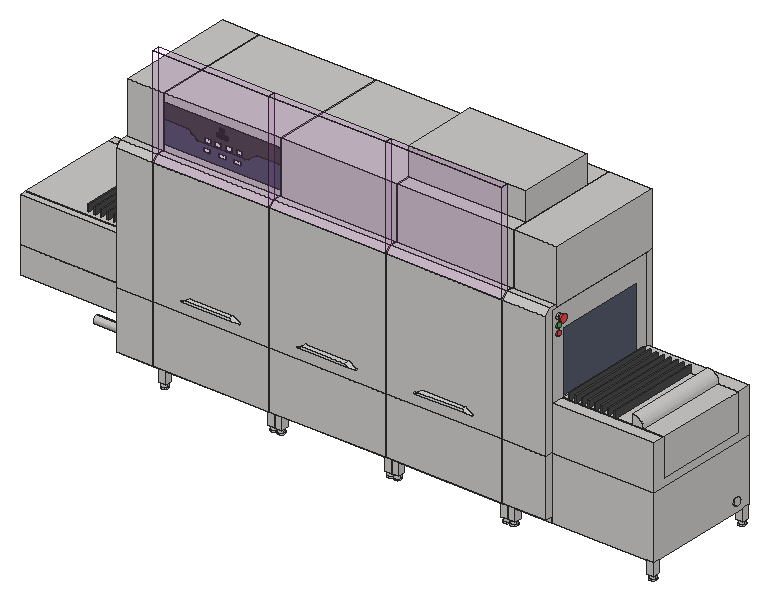
Revit family "QF_ELECTROLUXPROFESSIONAL_520705_EFTD052EL2U1D1M5L385", category Attrezzature speciali, Revit 2020
Family settings
  Quota connettore circolare = Usa diametro
  Tipo di parte = Normale
  Basato su piano di lavoro = No
  Sempre verticale = Sì
  Taglio con vuoti quando caricato = No
  Condiviso = No
  Punto di calcolo locali = No
Parameters (values of type "Standard")
  Weight = 899.00 kg
  Watts = 46500 W
  Volts = 380 V
  URL Manufacturer = "https://www.electroluxprofessional.com/"
  URL = "https://www.electroluxprofessional.com/"
  Steam Supply Size = 0 mm
  Steam Supply Minimum Pressure = 0.0 Pa
  Steam Supply Maximum Pressure = 0.0 Pa
  Steam Consumption per Hour = 0
  Show Logo [instance] = yes
  Show Clearance [instance] = yes
  Refrigeration Suction Line Size = 0 mm
  Refrigeration Liquid Line Size = 0 mm
  Refrigerant Compressor Remote = yes
  Prospetto di default = 0 mm
  Produttore = "Electrolux Professional"
  Phase = 3
  Modello = "EFTD052EL2U1D1M5L385"
  Length Actual = 4350 mm  # constant formula
  Item Number = "520705"
  Hot Water Size = 0 mm
  Height Actual = 1983 mm  # constant formula
  HP = "62.4 HP"
  Gas Size = 0 mm
  Gas KW = 0
  Gas Input Pressure = 0 W
  Direct Waste Size = 50.8 mm
  Descrizione = "FT, 1Tank, 5200D/H, El., 950mm loading, 1000mm unloading, 1Dryer, 55mm conveyor,L>R,380V50Hz3P"
  Depth Actual = 946 mm  # constant formula
  Cycle = 50 Hz
  Condensate Return Size = 0 mm
  Compressed Air Volume = 0.0 L/s
  Compressed Air Size = 0 mm
  Compressed Air Pressure = 0.0 Pa
  Cold Water Size = 0 mm
  Accessory = yes
Reference planes
  plane 1 "Centro (Fronte/Retro)": y = 0
  plane 2: z = 0
  plane 3 "Centro (Sinistra/Destra)": x = 0
  plane 4: z = 115
Forms (mm)
  Extrusion 1, solid, material "QF_Finishes_Stainless Steel"
    sketch origin (632.404, 2, 1806.023) x (1, 0, 0) y (0, 0, 1)
      loop
        line (407.596, -163.023) -> (407.596, -183.023) -> (427.596, -183.023) -> (427.596, -163.023) -> (407.596, -163.023)
    from 0 to 2
  Extrusion 2, solid, material "QF_Finishes_Stainless Steel"
    sketch origin (4355.617, -934.464, 1290.159) x (0, 0, -1) y (0, -1, 0)
      loop
        circle (1102.159, -772.464) r 25
    from -9.383 to 5.617
  Extrusion 3, solid, material "QF_Finishes_Stainless Steel"
    sketch origin (1292.404, 2, 337.984) x (1, 0, 0) y (0, 0, 1)
      loop
        line (407.596, -163.023) -> (407.596, -183.023) -> (427.596, -183.023) -> (427.596, -163.023) -> (407.596, -163.023)
    from 0 to 2
  Extrusion 4, solid, material "QF_Finishes_Stainless Steel"
    sketch origin (1726.841, 200.464, 109.383) x (1, 0, 0) y (0, 1, 0)
      loop
        circle (1102.159, -772.464) r 10
    from -9.383 to 5.617
  Extrusion 5, solid, material "QF_Finishes_Stainless Steel"
    sketch origin (444.383, 22.464, 1290.159) x (0, 0, -1) y (0, 1, 0)
      loop
        circle (1102.159, -772.464) r 25
    from -9.383 to 255.617
  Extrusion 6, solid, material "QF_Finishes_Stainless Steel"
    sketch origin (1797.841, 200.464, 109.383) x (1, 0, 0) y (0, 1, 0)
      loop
        circle (1102.159, -772.464) r 10
    from -9.383 to 5.617
Dimensions and locks
  plane 4 to level = 115 mm
  aligned and locked: level to plane 2
Nested families
  nested 1: "MODULO_CENTER_800_FAN" at (2933.563, -388.258, 0), Show Clearance <- "Show Clearance", type "MODULO_CENTER_800_FAN"
    with Show Logo yes, Show Clearance yes, R_L no, L_R yes
  nested 2: "MODULO_CENTER_800" at (1333.563, -388.258, 0), Show Clearance <- "Show Clearance", type "MODULO_CENTER_800"
    with Show Logo yes, Show Clearance yes, R_L no, L_R yes
  nested 3: "MODULO_ENTRY_DISH_950" at (558.563, -388.258, 0), type "MODULO_ENTRY_DISH_950"
    with Show Logo yes, Show Clearance yes, R_L no, L_R yes
  nested 4: "MODULO_USCITA_DISH_1000" at (3708.563, -388.258, 0), type "MODULO_USCITA_DISH_1000"
    with Show Logo yes, Show Clearance yes, R_L yes, L_R no
  nested 5: "Piedino_Square_115H" at (4326.5, -73.5, 0) x (-1, 0, 0) z (0, 0, 1), type "Piedino_Square_115H"
  nested 6: "Piedino_Square_115H" at (4326.5, -838.5, 0) x (-1, 0, 0) z (0, 0, 1), type "Piedino_Square_115H"
  nested 7: "Piedino_Square_115H" at (3373.5, -73.5, 0) x (-1, 0, 0) z (0, 0, 1), type "Piedino_Square_115H"
  nested 8: "Piedino_Square_115H" at (3373.5, -838.5, 0) x (-1, 0, 0) z (0, 0, 1), type "Piedino_Square_115H"
  nested 9: "Piedino_Square_115H" at (1773.5, -838.5, 0), type "Piedino_Square_115H"
  nested 10: "Piedino_Square_115H" at (1773.5, -73.5, 0), type "Piedino_Square_115H"
  nested 11: "Piedino_Square_115H" at (2526.5, -838.5, 0), type "Piedino_Square_115H"
  nested 12: "Piedino_Square_115H" at (2526.5, -73.5, 0), type "Piedino_Square_115H"
  nested 13: "Piedino_Square_115H" at (2573.5, -838.5, 0) x (-1, 0, 0) z (0, 0, 1), type "Piedino_Square_115H"
  nested 14: "Piedino_Square_115H" at (2573.5, -73.5, 0) x (-1, 0, 0) z (0, 0, 1), type "Piedino_Square_115H"
  nested 15: "Piedino_Square_115H" at (3326.5, -838.5, 0) x (-1, 0, 0) z (0, 0, 1), type "Piedino_Square_115H"
  nested 16: "Piedino_Square_115H" at (3326.5, -73.5, 0) x (-1, 0, 0) z (0, 0, 1), type "Piedino_Square_115H"
  nested 17: "Piedino_Square_115H" at (973.5, -838.5, 0), type "Piedino_Square_115H"
  nested 18: "Piedino_Square_115H" at (973.5, -73.5, 0), type "Piedino_Square_115H"
  nested 19: "Piedino_Square_115H" at (1726.5, -838.5, 0), type "Piedino_Square_115H"
  nested 20: "Piedino_Square_115H" at (1726.5, -73.5, 0), type "Piedino_Square_115H"
  nested 21: "MANIGLIA_FLIGHT_400" at (1350, -912, 639.28) x (1, 0, 0) z (0, -1, 0), type "MANIGLIA_FLIGHT_400"
  nested 22: "MANIGLIA_FLIGHT_400" at (2950, -912, 639.28) x (1, 0, 0) z (0, -1, 0), type "MANIGLIA_FLIGHT_400"
  nested 23: "MANIGLIA_FLIGHT_400" at (2150, -912, 639.28) x (1, 0, 0) z (0, -1, 0), type "MANIGLIA_FLIGHT_400"
  nested 24: "MODULO_CENTER_800" at (2166.437, -388.258, 0) x (-1, 0, 0) z (0, 0, 1), Show Clearance <- "Show Clearance", type "MODULO_CENTER_800"
    with Show Logo yes, Show Clearance yes, R_L no, L_R yes
  nested 25: "Schermo_Flight_800" at (1350, -815, 1583) x (1, 0, 0) z (0, -1, 0), type "Schermo_Flight_800"
  nested 26: "ELX_LOGO_WORDS_WHITE" at (1350, -816.6, 1663) x (1, 0, 0) z (0, -1, 0), Show Logo <- "Show Logo", visible <- "Show Logo", type "ELX_LOGO_WORDS_WHITE"
    with Show Logo yes
  nested 27: "ELX_LOGO_MONO_SMALL_WHITE" at (1340.08, -816.6, 1649) x (-1, 0, 0) z (0, -1, 0), Show Logo <- "Show Logo", visible <- "Show Logo", type "ELX_LOGO_MONO_SMALL_WHITE"
    with Show Logo yes
Connectors
  electrical at (1050, 2, 1633)
    settings: on Extrusion 1, index 69, voltage 0 V, apparent load 0 VA, apparent load phase1 0 VA, apparent load phase2 0 VA, apparent load phase3 0 VA, power factor 1, load classification "Altro", number of poles 1, system type 30, power factor state 1, is connector primary yes, connector utility no, sub classification motor no, connector description "EI"
  piping at (4365, -162, 188), diameter 50
    settings: on Extrusion 2, index 70, connector inside diameter 609.6 mm, connector length 0 mm, flow factor 0, pipe flow 0.0 L/s, pressure drop 0.0 Pa, fitting loss kfactor 0, connector angle 0.00°, fixture units 0, engagement length 0 mm, angle of deflection 0.00°, flow configuration 0, flow direction 0, fitting loss method 0, system type 29, joint type 0, gender type 0, connector reference index -1, connector utility 0, adjustable connector no, is connector primary yes, connector description "D"
  electrical at (1710, 2, 164.961)
    settings: on Extrusion 3, index 71, voltage 0 V, apparent load 0 VA, apparent load phase1 0 VA, apparent load phase2 0 VA, apparent load phase3 0 VA, power factor 1, load classification "Altro", number of poles 1, system type 30, power factor state 1, is connector primary no, connector utility no, sub classification motor no, connector description "EQ"
  piping at (2829, -572, 100), diameter 19.1
    settings: on Extrusion 4, index 72, connector inside diameter 609.6 mm, connector length 0 mm, flow factor 0, pipe flow 0.0 L/s, pressure drop 0.0 Pa, fitting loss kfactor 0, connector angle 0.00°, fixture units 0, engagement length 0 mm, angle of deflection 0.00°, flow configuration 0, flow direction 0, fitting loss method 0, system type 29, joint type 0, gender type 0, connector reference index -1, connector utility 0, adjustable connector no, is connector primary no, connector description "HWI/CWI"
  piping at (435, -750, 188), diameter 50
    settings: on Extrusion 5, index 73, connector inside diameter 609.6 mm, connector length 0 mm, flow factor 0, pipe flow 0.0 L/s, pressure drop 0.0 Pa, fitting loss kfactor 0, connector angle 0.00°, fixture units 0, engagement length 0 mm, angle of deflection 0.00°, flow configuration 0, flow direction 0, fitting loss method 0, system type 29, joint type 0, gender type 0, connector reference index -1, connector utility 0, adjustable connector no, is connector primary no, connector description "D"
  piping at (2900, -572, 100), diameter 19.1
    settings: on Extrusion 6, index 74, connector inside diameter 609.6 mm, connector length 0 mm, flow factor 0, pipe flow 0.0 L/s, pressure drop 0.0 Pa, fitting loss kfactor 0, connector angle 0.00°, fixture units 0, engagement length 0 mm, angle of deflection 0.00°, flow configuration 0, flow direction 0, fitting loss method 0, system type 29, joint type 0, gender type 0, connector reference index -1, connector utility 0, adjustable connector no, is connector primary no, connector description "HWI/CWI"
Definition of nested family "MODULO_CENTER_800_FAN"
  Parameters (values of type "MODULO_CENTER_800_FAN")
    URL = "http://professional.electrolux.com"
    Show Logo [instance] = yes
    R_L [instance] = not(L_R)  # no
    Default Elevation = 0 mm
    Manufacturer = "Electrolux"
    Model = "ESR10E5"
    Length Actual = 800 mm
    Show Clearance [instance] = yes
    L_R [instance] = yes
    Height Actual = 1792 mm
    Description = "SINGLE RINSE RT, 100R/H, ELECTRIC 50HZ"
    Depth Actual = 912 mm
  Reference planes
    plane 1 "Center X": y = -67.742
    plane 2: z = 0
    plane 3 "LEFT": x = -383.563
    plane 4 "RIGHT": x = 416.437
    plane 5 "BACK": y = 388.258
    plane 6 "FEET": z = 115
    plane 7: z = 2092
    plane 8 "TOP": z = 1792
    plane 9 "FRONT": y = -523.742
    plane 10 "Left/Right": x = 16.437
    plane 11 "TopVent": z = 1983
  Forms (mm)
    Extrusion 1, solid
      sketch origin (416.437, 479.936, 4000) x (0, 1, 0) y (0, 0, 1)
        loop
          line (-91.678, -2208) -> (-906.678, -2208) -> (-906.678, -2580) -> (-91.678, -2580) -> (-91.678, -2208)
      from -800 to 0
    Extrusion 2, solid
      sketch origin (-383.563, 437.565, 3910) x (0, 1, 0) y (0, 0, 1)
        loop
          line (-99.307, -2490) -> (-911.307, -2490) -> (-911.307, -3552) -> (-99.307, -3552) -> (-99.307, -2490)
      from 800 to 0
    Extrusion 3, solid
      sketch origin (416.437, 479.936, 4299) x (0, 1, 0) y (0, 0, 1)
        loop
          line (-278.21, -2316) -> (-803.678, -2316) -> (-803.678, -2507) -> (-278.21, -2507) -> (-278.21, -2316)
      from -800 to 0
    Extrusion 4, solid
      sketch origin (16.437, 0, 1.5) x (0, 0, 1) y (0, -1, 0)
        loop
          line (356.5, -338.258) -> (356.5, 473.742) -> (113.5, 473.742) -> (113.5, -338.258) -> (356.5, -338.258)
      from 400 to -400
    Extrusion 5, solid
      sketch origin (16.437, 0, 0) x (0, 0, 1) y (0, -1, 0)
        loop
          line (1420, -338.258) -> (545, -338.258) -> (545, -388.258) -> (1420, -388.258) -> (1420, -338.258)
      from -400 to 400
    Extrusion 6, solid
      sketch origin (16.437, 0, 0) x (0, 0, 1) y (0, -1, 0)
        loop
          line (545, -388.258) -> (545, -338.258) -> (154, -338.258) -> (154, -388.258) -> (545, -388.258)
      from -400 to 400
    Extrusion 7, solid
      sketch origin (16.437, -882.484, -150) x (0, -1, 0) y (0, 0, 1)
        loop
          line (-358.742, 304) -> (-358.742, 695) -> (-408.742, 695) -> (-408.742, 304) -> (-358.742, 304)
      from -400 to 400
    Extrusion 8, solid
      sketch origin (16.437, -882.484, -151) x (0, -1, 0) y (0, 0, 1)
        loop
          line (-408.742, 1571) -> (-408.742, 696) -> (-358.742, 696) -> (-358.742, 1556) -> (-395.742, 1593) -> (-443.742, 1593) -> (-443.742, 1571) -> (-408.742, 1571)
      from -400 to 400
    Extrusion 9, solid, visible <- "Show Clearance"
      sketch origin (16.437, -882.484, 452) x (0, -1, 0) y (0, 0, 1)
        loop
          line (-408.742, 1640) -> (-408.742, 953.624) -> (-358.742, 953.624) -> (-358.742, 1640) -> (-408.742, 1640)
      from -400 to 400
  Dimensions and locks
    plane 3 "LEFT" to plane 4 "RIGHT" = 800 mm
    plane 5 "BACK" to plane 1 "Center X" to plane 9 "FRONT" = 456 mm, 456 mm
    plane 6 "FEET" to level = 115 mm  (x2)
    plane 6 "FEET" to plane 8 "TOP" = 1677 mm
    plane 5 "BACK" to plane 9 "FRONT" = 912 mm  (x2)
    plane 4 "RIGHT" to plane 3 "LEFT" = 800 mm
    plane 9 "FRONT" to plane 5 "BACK" = 912 mm
    level to plane 8 "TOP" = 1792 mm  (x2)
    plane 7 to level = 2092 mm
    plane 11 "TopVent" to plane 2 = 1983 mm
    plane 7 to plane 2 = 2092 mm
    Extrusion 2 to level = 1420 mm
    Extrusion 8 to level = 1442 mm
    plane 11 "TopVent" to level = 1983 mm
    aligned and locked: level to plane 2
Definition of nested family "MODULO_CENTER_800"
  Parameters (values of type "MODULO_CENTER_800")
    URL = "http://professional.electrolux.com"
    Show Logo [instance] = yes
    R_L [instance] = not(L_R)  # no
    Default Elevation = 0 mm
    Manufacturer = "Electrolux"
    Model = "ESR10E5"
    Length Actual = 800 mm
    Show Clearance [instance] = yes
    L_R [instance] = yes
    Height Actual = 1792 mm
    Description = "SINGLE RINSE RT, 100R/H, ELECTRIC 50HZ"
    Depth Actual = 912 mm
  Reference planes
    plane 1 "Center X": y = -67.742
    plane 2: z = 0
    plane 3 "LEFT": x = -383.563
    plane 4 "RIGHT": x = 416.437
    plane 5 "BACK": y = 388.258
    plane 6 "FEET": z = 115
    plane 7: z = 2092
    plane 8 "TOP": z = 1792
    plane 9 "FRONT": y = -523.742
    plane 10 "Left/Right": x = 16.437
  Forms (mm)
    Extrusion 1, solid
      sketch origin (416.437, 479.936, 4000) x (0, 1, 0) y (0, 0, 1)
        loop
          line (-91.678, -2208) -> (-906.678, -2208) -> (-906.678, -2580) -> (-91.678, -2580) -> (-91.678, -2208)
      from -800 to 0
    Extrusion 2, solid
      sketch origin (-383.563, 437.565, 3915) x (0, 1, 0) y (0, 0, 1)
        loop
          line (-99.307, -2495) -> (-911.307, -2495) -> (-911.307, -3557) -> (-99.307, -3557) -> (-99.307, -2495)
      from 800 to 0
    Extrusion 3, solid
      sketch origin (16.437, 0, 1.5) x (0, 0, 1) y (0, -1, 0)
        loop
          line (356.5, -338.258) -> (356.5, 473.742) -> (113.5, 473.742) -> (113.5, -338.258) -> (356.5, -338.258)
      from 400 to -400
    Extrusion 4, solid
      sketch origin (16.437, 0, 0) x (0, 0, 1) y (0, -1, 0)
        loop
          line (1420, -338.258) -> (545, -338.258) -> (545, -388.258) -> (1420, -388.258) -> (1420, -338.258)
      from -400 to 400
    Extrusion 5, solid
      sketch origin (16.437, 0, 0) x (0, 0, 1) y (0, -1, 0)
        loop
          line (545, -388.258) -> (545, -338.258) -> (154, -338.258) -> (154, -388.258) -> (545, -388.258)
      from -400 to 400
    Extrusion 6, solid
      sketch origin (16.437, -882.484, -150) x (0, -1, 0) y (0, 0, 1)
        loop
          line (-358.742, 304) -> (-358.742, 695) -> (-408.742, 695) -> (-408.742, 304) -> (-358.742, 304)
      from -400 to 400
    Extrusion 7, solid
      sketch origin (16.437, -882.484, -151) x (0, -1, 0) y (0, 0, 1)
        loop
          line (-408.742, 1571) -> (-408.742, 696) -> (-358.742, 696) -> (-358.742, 1556) -> (-395.742, 1593) -> (-443.742, 1593) -> (-443.742, 1571) -> (-408.742, 1571)
      from -400 to 400
    Extrusion 8, solid, visible <- "Show Clearance"
      sketch origin (16.437, -882.484, 452) x (0, -1, 0) y (0, 0, 1)
        loop
          line (-408.742, 1640) -> (-408.742, 953.624) -> (-358.742, 953.624) -> (-358.742, 1640) -> (-408.742, 1640)
      from -400 to 400
  Dimensions and locks
    plane 3 "LEFT" to plane 4 "RIGHT" = 800 mm
    plane 5 "BACK" to plane 1 "Center X" to plane 9 "FRONT" = 456 mm, 456 mm
    plane 6 "FEET" to level = 115 mm  (x2)
    plane 6 "FEET" to plane 8 "TOP" = 1677 mm
    plane 5 "BACK" to plane 9 "FRONT" = 912 mm  (x2)
    plane 4 "RIGHT" to plane 3 "LEFT" = 800 mm
    plane 9 "FRONT" to plane 5 "BACK" = 912 mm
    level to plane 8 "TOP" = 1792 mm  (x2)
    plane 7 to level = 2092 mm
    plane 7 to plane 2 = 2092 mm
    Extrusion 2 to level = 1420 mm
    Extrusion 7 to level = 1442 mm
    aligned and locked: level to plane 2
Definition of nested family "MODULO_ENTRY_DISH_950"
  Parameters (values of type "MODULO_ENTRY_DISH_950")
    URL = "http://professional.electrolux.com"
    Show Logo [instance] = yes
    R_L [instance] = not(L_R)  # no
    Default Elevation = 0 mm
    Manufacturer = "Electrolux"
    Model = "ESR10E5"
    Length Actual = 800 mm
    Show Clearance [instance] = yes
    L_R [instance] = yes
    Height Actual = 1792 mm
    Description = "SINGLE RINSE RT, 100R/H, ELECTRIC 50HZ"
    Depth Actual = 912 mm
  Reference planes
    plane 1 "Center (Front/Back)": y = -67.742
    plane 2: z = 0
    plane 3 "LEFT": x = -558.563
    plane 4 "RIGHT": x = 391.437
    plane 5 "BACK": y = 388.258
    plane 6 "FRONT": y = -523.742
    plane 7 "BUTTONS": y = -427.742
    plane 8: z = 115
    plane 9 "2": y = 292.258
  Forms (mm)
    Extrusion 1, solid, visible <- "L_R"
      sketch origin (391.437, 479.936, 4000) x (0, 1, 0) y (0, 0, 1)
        loop
          line (-91.678, -2208) -> (-906.678, -2208) -> (-906.678, -2580) -> (-91.678, -2580) -> (-91.678, -2208)
      from -250 to 0
    Extrusion 2, solid
      sketch origin (-358.563, 437.565, 3910) x (0, 1, 0) y (0, 0, 1)
        loop
          line (-99.307, -2490) -> (-911.307, -2490) -> (-911.307, -3552) -> (-99.307, -3552) -> (-99.307, -2490)
      from 750 to 500
    Extrusion 3, solid
      sketch origin (-558.563, 437.565, 3910) x (0, 1, 0) y (0, 0, 1)
        loop
          line (-99.307, -3365) -> (-99.307, -3060) -> (-149.307, -3060) -> (-149.307, -3315) -> (-861.307, -3315) -> (-861.307, -3060) -> (-911.307, -3060) -> (-911.307, -3365) -> (-99.307, -3365)
      from 700 to 0
    Extrusion 4, solid
      sketch origin (16.437, 0, -4.987) x (0, 0, 1) y (0, -1, 0)
        loop
          line (362.987, -338.258) -> (362.987, 473.742) -> (119.987, 473.742) -> (119.987, -338.258) -> (362.987, -338.258)
      from 375 to 125
    Extrusion 5, solid, visible <- "L_R"
      sketch origin (16.437, 0, 0) x (0, 0, 1) y (0, -1, 0)
        loop
          line (1420, -338.258) -> (545, -338.258) -> (545, -388.258) -> (1420, -388.258) -> (1420, -338.258)
      from 125 to 375
    Extrusion 6, solid
      sketch origin (16.437, 0, 0) x (0, 0, 1) y (0, -1, 0)
        loop
          line (545, -388.258) -> (545, -338.258) -> (154, -338.258) -> (154, -388.258) -> (545, -388.258)
      from 125 to 375
    Extrusion 7, solid
      sketch origin (-558.563, 437.565, 3607.258) x (0, 1, 0) y (0, 0, 1)
        loop
          line (-99.307, -3249.258) -> (-99.307, -3062.258) -> (-911.307, -3062.258) -> (-911.307, -3249.258) -> (-99.307, -3249.258)
      from 700 to 0
    Extrusion 8, solid
      sketch origin (-558.563, 437.565, 4000) x (0, 1, 0) y (0, 0, 1)
        loop
          line (-149.307, -3150) -> (-861.307, -3150) -> (-861.307, -3405) -> (-149.307, -3405) -> (-149.307, -3150)
      from 0 to 700
    Extrusion 9, solid
      sketch origin (266.437, -882.484, -150) x (0, -1, 0) y (0, 0, 1)
        loop
          line (-358.742, 304) -> (-358.742, 695) -> (-408.742, 695) -> (-408.742, 304) -> (-358.742, 304)
      from -125 to 125
    Extrusion 10, solid, visible <- "L_R"
      sketch origin (266.437, -882.484, -151) x (0, -1, 0) y (0, 0, 1)
        loop
          line (-408.742, 1571) -> (-408.742, 696) -> (-358.742, 696) -> (-358.742, 1556) -> (-395.742, 1593) -> (-443.742, 1593) -> (-443.742, 1571) -> (-408.742, 1571)
      from -125 to 125
    Extrusion 11, solid
      sketch origin (-358.563, 437.565, 4000) x (0, 1, 0) y (0, 0, 1)
        loop
          line (-199.307, -2725.701) -> (-811.307, -2725.701) -> (-811.307, -3137.701) -> (-199.307, -3137.701) -> (-199.307, -2725.701)
      from 495.458 to 500
    Extrusion 12, solid, visible <- "R_L"
      sketch origin (266.437, 747, -151) x (0, 1, 0) y (0, 0, -1)
        loop
          line (-408.742, -1571) -> (-443.742, -1571) -> (-443.742, -1593) -> (-395.742, -1593) -> (-358.742, -1556) -> (-358.742, -696) -> (-408.742, -696) -> (-408.742, -1571)
      from -125 to 125
    Extrusion 13, solid, visible <- "R_L"
      sketch origin (16.437, -135.484, 0) x (0, 0, 1) y (0, -1, 0)
        loop
          line (1420, 338.258) -> (1420, 388.258) -> (545, 388.258) -> (545, 338.258) -> (1420, 338.258)
      from 125 to 375
    Extrusion 14, solid, visible <- "R_L"
      sketch origin (391.437, -615.42, 4000) x (0, -1, 0) y (0, 0, -1)
        loop
          line (-91.678, 2208) -> (-91.678, 2580) -> (-906.678, 2580) -> (-906.678, 2208) -> (-91.678, 2208)
      from -250 to 0
    Extrusion 15, solid
      sketch origin (-191.477, -192.742, -3) x (-1, 0, 0) y (0, 0, 1)
        loop
          line (-26.676, 853) -> (-26.676, 898) -> (-36.676, 898) -> (-36.676, 853) -> (-26.676, 853)
      from -196 to 446
    Extrusion 16, solid
      sketch origin (-146.477, -192.742, -3) x (-1, 0, 0) y (0, 0, 1)
        loop
          line (-26.676, 853) -> (-26.676, 898) -> (-36.676, 898) -> (-36.676, 853) -> (-26.676, 853)
      from -196 to 446
    Extrusion 17, solid
      sketch origin (-101.477, -192.742, -3) x (-1, 0, 0) y (0, 0, 1)
        loop
          line (-26.676, 853) -> (-26.676, 898) -> (-36.676, 898) -> (-36.676, 853) -> (-26.676, 853)
      from -196 to 446
    Extrusion 18, solid
      sketch origin (-56.477, -192.742, -3) x (-1, 0, 0) y (0, 0, 1)
        loop
          line (-26.676, 853) -> (-26.676, 898) -> (-36.676, 898) -> (-36.676, 853) -> (-26.676, 853)
      from -196 to 446
    Extrusion 19, solid
      sketch origin (-11.477, -192.742, -3) x (-1, 0, 0) y (0, 0, 1)
        loop
          line (-26.676, 853) -> (-26.676, 898) -> (-36.676, 898) -> (-36.676, 853) -> (-26.676, 853)
      from -196 to 446
    Extrusion 20, solid
      sketch origin (33.523, -192.742, -3) x (-1, 0, 0) y (0, 0, 1)
        loop
          line (-26.676, 853) -> (-26.676, 898) -> (-36.676, 898) -> (-36.676, 853) -> (-26.676, 853)
      from -196 to 446
  Dimensions and locks
    plane 3 "LEFT" to plane 4 "RIGHT" = 950 mm
    plane 5 "BACK" to plane 1 "Center (Front/Back)" to plane 6 "FRONT" = 456 mm, 456 mm
    plane 5 "BACK" to plane 6 "FRONT" = 912 mm  (x2)
    plane 4 "RIGHT" to plane 3 "LEFT" = 950 mm  (x2)
    plane 6 "FRONT" to plane 5 "BACK" = 912 mm
    plane 8 to level = 115 mm
    Extrusion 1 to level = 1792 mm
    Extrusion 3 to level = 850 mm
    aligned and locked: level to plane 2
  Nested families
    nested 1: "BOTTONE_RED_STOP" at (141.437, -427.742, 1266.906) x (0, -1, 0) z (-1, 0, 0), visible <- "L_R", type "BOTTONE_RED_STOP"
    nested 2: "BOTTONE_EMERGENCY_STOP" at (141.437, -427.742, 1370) x (0, -1, 0) z (-1, 0, 0), visible <- "L_R", type "BOTTONE_EMERGENCY_STOP"
    nested 3: "BOTTONE_GREEN_START" at (141.437, -427.742, 1316.906) x (0, -1, 0) z (-1, 0, 0), visible <- "L_R", type "BOTTONE_GREEN_START"
    nested 4: "BOTTONE_RED_STOP" at (141.437, 292.258, 1267.906) x (0, 1, 0) z (-1, 0, 0), visible <- "R_L", type "BOTTONE_RED_STOP"
    nested 5: "BOTTONE_EMERGENCY_STOP" at (141.437, 292.258, 1371) x (0, 1, 0) z (-1, 0, 0), visible <- "R_L", type "BOTTONE_EMERGENCY_STOP"
    nested 6: "BOTTONE_GREEN_START" at (141.437, 292.258, 1317.906) x (0, 1, 0) z (-1, 0, 0), visible <- "R_L", type "BOTTONE_GREEN_START"
  Definition of nested family "BOTTONE_RED_STOP"
    Parameters (values of type "BOTTONE_RED_STOP")
      Default Elevation = 1219.2 mm
    Reference planes
      plane 1 "Centro (Fronte/Retro)": y = 0
      plane 2: z = 0
      plane 3 "Centro (Sinistra/Destra)": x = 0
    Forms (mm)
      Extrusion 1, solid
        sketch origin (0, 0, 0) x (1, 0, 0) y (0, 1, 0)
          loop
            line (-1219.2, 1219.2) -> (-1219.2, -1219.2) -> (1219.2, -1219.2) -> (1219.2, 1219.2) -> (-1219.2, 1219.2)
        from 0 to -304.8
      Extrusion 2, solid
        sketch origin (-367.513, 69.533, 15) x (-1, 0, 0) y (0, 1, 0)
          loop
            circle (-367.513, -69.533) r 15
        from 0 to 15
    Dimensions and locks
      aligned and locked: plane 2 to Extrusion 1
      aligned and locked: level to Extrusion 1
  Definition of nested family "BOTTONE_EMERGENCY_STOP"
    Parameters
      Default Elevation = 1219.2 mm
    Reference planes
      plane 1 "Centro (Fronte/Retro)": y = 0
      plane 2: z = 0
      plane 3 "Centro (Sinistra/Destra)": x = 0
    Forms (mm)
      Extrusion 1, solid
        sketch origin (0, 0, 0) x (1, 0, 0) y (0, 1, 0)
          loop
            line (-1219.2, 1219.2) -> (-1219.2, -1219.2) -> (1219.2, -1219.2) -> (1219.2, 1219.2) -> (-1219.2, 1219.2)
        from 0 to -304.8
      Extrusion 2, solid
        sketch origin (0, 0, 0) x (1, 0, 0) y (0, 1, 0)
          loop
            circle (0, 0) r 15
        from 0 to 20.273
      Blend 3, solid
        base sketch origin (-49.801, 0, 0) x (1, 0, 0) y (0, 1, 0)
          loop
            circle (49.801, 0) r 15
        top sketch origin (-49.801, 0, 0) x (1, 0, 0) y (0, 1, 0)
          loop
            circle (49.801, 0) r 25
        from 20.273 to 47.605
    Dimensions and locks
      aligned and locked: plane 2 to Extrusion 1
      aligned and locked: level to Extrusion 1
  Definition of nested family "BOTTONE_GREEN_START"
    Parameters (values of type "BOTTONE_GREEN_START")
      Default Elevation = 1219.2 mm
    Reference planes
      plane 1 "Centro (Fronte/Retro)": y = 0
      plane 2: z = 0
      plane 3 "Centro (Sinistra/Destra)": x = 0
    Forms (mm)
      Extrusion 1, solid
        sketch origin (0, 0, 0) x (1, 0, 0) y (0, 1, 0)
          loop
            line (-1219.2, 1219.2) -> (-1219.2, -1219.2) -> (1219.2, -1219.2) -> (1219.2, 1219.2) -> (-1219.2, 1219.2)
        from 0 to -304.8
      Extrusion 2, solid
        sketch origin (-367.513, 69.533, 15) x (-1, 0, 0) y (0, 1, 0)
          loop
            circle (-367.513, -69.533) r 15
        from 0 to 15
    Dimensions and locks
      aligned and locked: plane 2 to Extrusion 1
      aligned and locked: level to Extrusion 1
Definition of nested family "MODULO_USCITA_DISH_1000"
  Parameters (values of type "MODULO_USCITA_DISH_1000")
    URL = "http://professional.electrolux.com"
    Show Logo [instance] = yes
    R_L [instance] = not(L_R)  # yes
    Default Elevation = 0 mm
    Manufacturer = "Electrolux"
    Model = "ESR10E5"
    Length Actual = 800 mm
    Show Clearance [instance] = yes
    L_R [instance] = no
    Height Actual = 1792 mm
    Description = "SINGLE RINSE RT, 100R/H, ELECTRIC 50HZ"
    Depth Actual = 912 mm
  Reference planes
    plane 1 "Center (Front/Back)": y = -67.742
    plane 2: z = 0
    plane 3 "LEFT": x = -358.563
    plane 4 "BACK": y = 388.258
    plane 5 "FEET": z = 115
    plane 6 "TOP": z = 1792
    plane 7 "FRONT": y = -523.742
    plane 8 "Left/Right": x = 16.437
    plane 9: x = -358.563
    plane 10: y = -427.742
    plane 11 "RIGHT": x = 641.437
  Forms (mm)
    Extrusion 1, solid, visible <- "R_L"
      sketch origin (-358.563, 479.936, 4003) x (0, 1, 0) y (0, 0, -1)
        loop
          line (-91.678, 2211) -> (-91.678, 2583) -> (-906.678, 2583) -> (-906.678, 2211) -> (-91.678, 2211)
      from -300 to 0
    Extrusion 2, solid
      sketch origin (-358.563, 437.565, 4003) x (0, 1, 0) y (0, 0, 1)
        loop
          line (-99.307, -3458) -> (-911.307, -3458) -> (-911.307, -3888) -> (-99.307, -3888) -> (-99.307, -3458)
      from 300 to 0
    Extrusion 3, solid
      sketch origin (-358.563, 479.936, 4003) x (0, 1, 0) y (0, 0, -1)
        loop
          line (-141.678, 2583) -> (-141.678, 3458) -> (-953.678, 3458) -> (-953.678, 2583) -> (-141.678, 2583)
      from -300 to 0
    Extrusion 4, solid
      sketch origin (391.437, 437.565, 3913) x (0, 1, 0) y (0, 0, -1)
        loop
          line (-99.307, 3368) -> (-911.307, 3368) -> (-911.307, 3063) -> (-826.307, 3063) -> (-826.307, 3318) -> (-184.307, 3318) -> (-184.307, 3063) -> (-99.307, 3063) -> (-99.307, 3368)
      from 450 to -250
    Extrusion 5, solid, visible <- "R_L"
      sketch origin (16.437, 0, 3) x (0, 0, 1) y (0, 1, 0)
        loop
          line (1417, 338.258) -> (1417, 388.258) -> (542, 388.258) -> (542, 338.258) -> (1417, 338.258)
      from 75 to 375
    Extrusion 6, solid
      sketch origin (16.437, 0, 3) x (0, 0, 1) y (0, 1, 0)
        loop
          line (542, 388.258) -> (151, 388.258) -> (151, 338.258) -> (542, 338.258) -> (542, 388.258)
      from 75 to 375
    Extrusion 7, solid
      sketch origin (391.437, 437.565, 3610.258) x (0, 1, 0) y (0, 0, -1)
        loop
          line (-99.307, 3495.258) -> (-911.307, 3495.258) -> (-911.307, 3065.258) -> (-99.307, 3065.258) -> (-99.307, 3495.258)
      from 450 to -250
    Extrusion 8, solid
      sketch origin (641.437, 0, 3) x (0, 1, 0) y (0, 0, 1)
        loop
          line (253.258, 847) -> (-388.742, 847) -> (-388.742, 592) -> (253.258, 592) -> (253.258, 847)
      from 0 to -700
    Extrusion 9, solid
      sketch origin (-358.563, 437.565, 3928) x (0, 1, 0) y (0, 0, 1)
        loop
          line (-811.307, -3065.701) -> (-199.307, -3065.701) -> (-199.307, -2653.701) -> (-811.307, -2653.701) -> (-811.307, -3065.701)
      from 300 to 304.77
    Extrusion 10, solid
      sketch origin (-208.563, -115, -147) x (0, 1, 0) y (0, 0, 1)
        loop
          line (-358.742, 301) -> (-358.742, 692) -> (-408.742, 692) -> (-408.742, 301) -> (-358.742, 301)
      from -150 to 150
    Extrusion 11, solid, visible <- "R_L"
      sketch origin (-208.563, -882.484, -151) x (0, -1, 0) y (0, 0, 1)
        loop
          line (-408.742, 1571) -> (-408.742, 696) -> (-358.742, 696) -> (-358.742, 1556) -> (-395.742, 1593) -> (-443.742, 1593) -> (-443.742, 1571) -> (-408.742, 1571)
      from -150 to 150
    Extrusion 12, solid
      sketch origin (-39.574, -192.742, -3) x (-1, 0, 0) y (0, 0, 1)
        loop
          line (-26.676, 853) -> (-26.676, 898) -> (-36.676, 898) -> (-36.676, 853) -> (-26.676, 853)
      from -196 to 446
    Extrusion 13, solid
      sketch origin (5.426, -192.742, -3) x (-1, 0, 0) y (0, 0, 1)
        loop
          line (-26.676, 853) -> (-26.676, 898) -> (-36.676, 898) -> (-36.676, 853) -> (-26.676, 853)
      from -196 to 446
    Extrusion 14, solid
      sketch origin (50.426, -192.742, -3) x (-1, 0, 0) y (0, 0, 1)
        loop
          line (-26.676, 853) -> (-26.676, 898) -> (-36.676, 898) -> (-36.676, 853) -> (-26.676, 853)
      from -196 to 446
    Extrusion 15, solid
      sketch origin (95.426, -192.742, -3) x (-1, 0, 0) y (0, 0, 1)
        loop
          line (-26.676, 853) -> (-26.676, 898) -> (-36.676, 898) -> (-36.676, 853) -> (-26.676, 853)
      from -196 to 446
    Extrusion 16, solid
      sketch origin (140.426, -192.742, -3) x (-1, 0, 0) y (0, 0, 1)
        loop
          line (-26.676, 853) -> (-26.676, 898) -> (-36.676, 898) -> (-36.676, 853) -> (-26.676, 853)
      from -196 to 446
    Extrusion 17, solid
      sketch origin (185.426, -192.742, -3) x (-1, 0, 0) y (0, 0, 1)
        loop
          line (-26.676, 853) -> (-26.676, 898) -> (-36.676, 898) -> (-36.676, 853) -> (-26.676, 853)
      from -196 to 446
    Extrusion 18, solid
      sketch origin (230.426, -192.742, -3) x (-1, 0, 0) y (0, 0, 1)
        loop
          line (-26.676, 853) -> (-26.676, 898) -> (-36.676, 898) -> (-36.676, 853) -> (-26.676, 853)
      from -196 to 446
    Extrusion 19, solid
      sketch origin (275.426, -192.742, -3) x (-1, 0, 0) y (0, 0, 1)
        loop
          line (-26.676, 853) -> (-26.676, 898) -> (-36.676, 898) -> (-36.676, 853) -> (-26.676, 853)
      from -196 to 446
    Revolve 20, solid
      sketch origin (0, 0, 850) x (1, 0, 0) y (0, 1, 0)
        loop
          line (430.204, 253.258) -> (430.204, -388.742) -> (502.335, -388.742) -> (502.335, 253.258) -> (430.204, 253.258)
        axis (430.204, 253.258) -> (430.204, -388.742)
      angle from 0 to -90
    Extrusion 21, solid, visible <- "L_R"
      sketch origin (-208.563, 747, -151) x (0, 1, 0) y (0, 0, -1)
        loop
          line (-408.742, -1571) -> (-443.742, -1571) -> (-443.742, -1593) -> (-395.742, -1593) -> (-358.742, -1556) -> (-358.742, -696) -> (-408.742, -696) -> (-408.742, -1571)
      from -150 to 150
    Extrusion 22, solid, visible <- "L_R"
      sketch origin (16.437, -135.484, 3) x (0, 0, 1) y (0, 1, 0)
        loop
          line (1417, -338.258) -> (542, -338.258) -> (542, -388.258) -> (1417, -388.258) -> (1417, -338.258)
      from 75 to 375
    Extrusion 23, solid, visible <- "L_R"
      sketch origin (-358.563, -615.42, 4003) x (0, -1, 0) y (0, 0, 1)
        loop
          line (-91.678, -2211) -> (-906.678, -2211) -> (-906.678, -2583) -> (-91.678, -2583) -> (-91.678, -2211)
      from -300 to 0
  Dimensions and locks
    plane 4 "BACK" to plane 1 "Center (Front/Back)" to plane 7 "FRONT" = 456 mm, 456 mm
    plane 5 "FEET" to level = 115 mm  (x2)
    plane 4 "BACK" to plane 7 "FRONT" = 912 mm  (x2)
    plane 7 "FRONT" to plane 4 "BACK" = 912 mm
    level to plane 6 "TOP" = 1792 mm
    plane 3 "LEFT" to plane 8 "Left/Right" = 375 mm
    plane 8 "Left/Right" to plane 11 "RIGHT" = 625 mm
    plane 3 "LEFT" to plane 11 "RIGHT" = 1000 mm
    plane 9 to plane 11 "RIGHT" = 1000 mm
    plane 6 "TOP" to level = 1792 mm
    aligned and locked: level to plane 2
  Nested families
    nested 1: "BOTTONE_EMERGENCY_STOP" at (-58.563, -427.742, 1369) x (0, -1, 0) z (1, 0, 0), visible <- "R_L", type "BOTTONE_EMERGENCY_STOP"
    nested 2: "BOTTONE_GREEN_START" at (-58.563, -427.742, 1315.906) x (0, -1, 0) z (1, 0, 0), visible <- "R_L", type "BOTTONE_GREEN_START"
    nested 3: "BOTTONE_RED_STOP" at (-58.563, -427.742, 1265.906) x (0, -1, 0) z (1, 0, 0), visible <- "R_L", type "BOTTONE_RED_STOP"
    nested 4: "BOTTONE_EMERGENCY_STOP" at (-58.563, 292.258, 1369) x (0, 1, 0) z (1, 0, 0), visible <- "L_R", type "BOTTONE_EMERGENCY_STOP"
    nested 5: "BOTTONE_GREEN_START" at (-58.563, 292.258, 1315.906) x (0, 1, 0) z (1, 0, 0), visible <- "L_R", type "BOTTONE_GREEN_START"
    nested 6: "BOTTONE_RED_STOP" at (-58.563, 292.258, 1265.906) x (0, 1, 0) z (1, 0, 0), visible <- "L_R", type "BOTTONE_RED_STOP"
  Definition of nested family "BOTTONE_EMERGENCY_STOP"
    Parameters
      Default Elevation = 1219.2 mm
    Reference planes
      plane 1 "Centro (Fronte/Retro)": y = 0
      plane 2: z = 0
      plane 3 "Centro (Sinistra/Destra)": x = 0
    Forms (mm)
      Extrusion 1, solid
        sketch origin (0, 0, 0) x (1, 0, 0) y (0, 1, 0)
          loop
            line (-1219.2, 1219.2) -> (-1219.2, -1219.2) -> (1219.2, -1219.2) -> (1219.2, 1219.2) -> (-1219.2, 1219.2)
        from 0 to -304.8
      Extrusion 2, solid
        sketch origin (0, 0, 0) x (1, 0, 0) y (0, 1, 0)
          loop
            circle (0, 0) r 15
        from 0 to 20.273
      Blend 3, solid
        base sketch origin (-49.801, 0, 0) x (1, 0, 0) y (0, 1, 0)
          loop
            circle (49.801, 0) r 15
        top sketch origin (-49.801, 0, 0) x (1, 0, 0) y (0, 1, 0)
          loop
            circle (49.801, 0) r 25
        from 20.273 to 47.605
    Dimensions and locks
      aligned and locked: plane 2 to Extrusion 1
      aligned and locked: level to Extrusion 1
  Definition of nested family "BOTTONE_GREEN_START"
    Parameters (values of type "BOTTONE_GREEN_START")
      Default Elevation = 1219.2 mm
    Reference planes
      plane 1 "Centro (Fronte/Retro)": y = 0
      plane 2: z = 0
      plane 3 "Centro (Sinistra/Destra)": x = 0
    Forms (mm)
      Extrusion 1, solid
        sketch origin (0, 0, 0) x (1, 0, 0) y (0, 1, 0)
          loop
            line (-1219.2, 1219.2) -> (-1219.2, -1219.2) -> (1219.2, -1219.2) -> (1219.2, 1219.2) -> (-1219.2, 1219.2)
        from 0 to -304.8
      Extrusion 2, solid
        sketch origin (-367.513, 69.533, 15) x (-1, 0, 0) y (0, 1, 0)
          loop
            circle (-367.513, -69.533) r 15
        from 0 to 15
    Dimensions and locks
      aligned and locked: plane 2 to Extrusion 1
      aligned and locked: level to Extrusion 1
  Definition of nested family "BOTTONE_RED_STOP"
    Parameters (values of type "BOTTONE_RED_STOP")
      Default Elevation = 1219.2 mm
    Reference planes
      plane 1 "Centro (Fronte/Retro)": y = 0
      plane 2: z = 0
      plane 3 "Centro (Sinistra/Destra)": x = 0
    Forms (mm)
      Extrusion 1, solid
        sketch origin (0, 0, 0) x (1, 0, 0) y (0, 1, 0)
          loop
            line (-1219.2, 1219.2) -> (-1219.2, -1219.2) -> (1219.2, -1219.2) -> (1219.2, 1219.2) -> (-1219.2, 1219.2)
        from 0 to -304.8
      Extrusion 2, solid
        sketch origin (-367.513, 69.533, 15) x (-1, 0, 0) y (0, 1, 0)
          loop
            circle (-367.513, -69.533) r 15
        from 0 to 15
    Dimensions and locks
      aligned and locked: plane 2 to Extrusion 1
      aligned and locked: level to Extrusion 1
Definition of nested family "Piedino_Square_115H"
  Parameters (values of type "Piedino_Square_115H")
    Default Elevation = 0 mm
  Reference planes
    plane 1 "Centro (Fronte/Retro)": y = 0
    plane 2: z = 0
    plane 3 "Centro (Sinistra/Destra)": x = 0
    plane 4: z = 115
  Forms (mm)
    Extrusion 1, solid
      sketch origin (0, 0, 0) x (1, 0, 0) y (0, 1, 0)
        loop
          circle (0, 0) r 23
      from 0 to 5
    Extrusion 2, solid
      sketch origin (0, 0, 5) x (1, 0, 0) y (0, 1, 0)
        loop
          circle (0, 0) r 20
      from 0 to 25.777
    Extrusion 3, solid
      sketch origin (0, 0, 30.777) x (1, 0, 0) y (0, 1, 0)
        loop
          line (-23.5, 23.5) -> (-23.5, -23.5) -> (23.5, -23.5) -> (23.5, 23.5) -> (-23.5, 23.5)
      from 0 to 84.223
  Dimensions and locks
    plane 4 to level = 115 mm  (x2)
    radius of Extrusion 1 sketch curve = 23 mm
    aligned and locked: level to plane 2
    aligned and locked: Extrusion 1 to level
Definition of nested family "MANIGLIA_FLIGHT_400"
  Parameters
    Default Elevation = 1219.2 mm
  Reference planes
    plane 1 "Centro (Fronte/Retro)": y = 0
    plane 2: z = 0
    plane 3 "Centro (Sinistra/Destra)": x = 0
  Forms (mm)
    Extrusion 1, solid
      sketch origin (0, 0, 0) x (1, 0, 0) y (0, 1, 0)
        loop
          line (-1219.2, 1219.2) -> (-1219.2, -1219.2) -> (1219.2, -1219.2) -> (1219.2, 1219.2) -> (-1219.2, 1219.2)
      from 0 to -304.8
    Extrusion 2, solid
      sketch origin (-503, 656.113, -50) x (-1, 0, 0) y (0, 1, 0)
        loop
          line (-651.038, -638.613) -> (-703, -668.613) -> (-703, -673.613) -> (-658.503, -673.613) -> (-623.862, -653.613) -> (-382.138, -653.613) -> (-347.497, -673.613) -> (-303, -673.613) -> (-303, -668.613) -> (-354.962, -638.613) -> (-651.038, -638.613)
      from -86.258 to -50
    Extrusion 3, void
      sketch origin (0, -681.887, 358.742) x (0, 0, 1) y (0, 1, 0)
        loop
          line (-322.484, 684.387) -> (-353.281, 664.387) -> (-322.484, 664.387) -> (-322.484, 684.387)
      from -200 to 200
  Cuts and joins
    Extrusion 3 cuts Extrusion 2
  Dimensions and locks
    cut or joined group of Extrusion 2, Extrusion 3 to cut or joined group of Extrusion 2, Extrusion 3 = 400 mm
    cut or joined group of Extrusion 2, Extrusion 3 to cut or joined group of Extrusion 2, Extrusion 3 = 35 mm
    aligned and locked: plane 2 to Extrusion 1
    aligned and locked: level to Extrusion 1
Definition of nested family "Schermo_Flight_800"
  Parameters (values of type "Schermo_Flight_800")
    Default Elevation = 1219.2 mm
  Reference planes
    plane 1 "Center (Front/Back)": y = 0
    plane 2: z = 0
    plane 3 "Center (Left/Right)": x = 0
  Forms (mm)
    Extrusion 1, solid
      sketch origin (0, 0, 0) x (1, 0, 0) y (0, 1, 0)
        loop
          line (-1219.2, 1219.2) -> (-1219.2, -1219.2) -> (1219.2, -1219.2) -> (1219.2, 1219.2) -> (-1219.2, 1219.2)
      from 0 to -304.8
    Extrusion 2, solid
      sketch origin (0, -25, 0) x (1, 0, 0) y (0, 1, 0)
        loop
          line (-400, -82.94) -> (400, -82.94) -> (400, 70.507) -> (238.561, 70.507) -> (167.154, 20.507) -> (-167.154, 20.507) -> (-238.561, 70.507) -> (-400, 70.507) -> (-400, -82.94)
        loop
          line (-126.915, -7.668) -> (-126.915, -27.668) -> (-81.915, -27.668) -> (-81.915, -7.668) -> (-126.915, -7.668)
        loop
          line (-22.5, -7.668) -> (-22.5, -27.668) -> (22.5, -27.668) -> (22.5, -7.668) -> (-22.5, -7.668)
        loop
          line (126.915, -7.668) -> (81.915, -7.668) -> (81.915, -27.668) -> (126.915, -27.668) -> (126.915, -7.668)
      from 0 to 1.6
    Extrusion 3, solid
      sketch origin (0, -25, 0) x (1, 0, 0) y (0, 1, 0)
        loop
          line (-400, 177.06) -> (-400, 70.507) -> (-238.561, 70.507) -> (-167.154, 20.507) -> (167.154, 20.507) -> (238.561, 70.507) -> (400, 70.507) -> (400, 177.06) -> (-400, 177.06)
        loop
          line (-117.417, 56.68) -> (-117.417, 31.68) -> (-77.417, 31.68) -> (-77.417, 56.68) -> (-117.417, 56.68)
        loop
          line (-47.417, 56.68) -> (-47.417, 31.68) -> (-7.417, 31.68) -> (-7.417, 56.68) -> (-47.417, 56.68)
        loop
          line (27.583, 56.68) -> (27.583, 31.68) -> (67.583, 31.68) -> (67.583, 56.68) -> (27.583, 56.68)
        loop
          line (97.583, 56.68) -> (97.583, 31.68) -> (137.583, 31.68) -> (137.583, 56.68) -> (97.583, 56.68)
      from 0 to 1.6
    Extrusion 4, solid
      sketch origin (0, 0, 0) x (1, 0, 0) y (0, 1, 0)
        loop
          line (-117.417, 31.68) -> (-117.417, 6.68) -> (-77.417, 6.68) -> (-77.417, 31.68) -> (-117.417, 31.68)
        loop
          line (-47.417, 31.68) -> (-47.417, 6.68) -> (-7.417, 6.68) -> (-7.417, 31.68) -> (-47.417, 31.68)
        loop
          line (27.583, 31.68) -> (27.583, 6.68) -> (67.583, 6.68) -> (67.583, 31.68) -> (27.583, 31.68)
        loop
          line (97.583, 31.68) -> (97.583, 6.68) -> (137.583, 6.68) -> (137.583, 31.68) -> (97.583, 31.68)
        loop
          line (-126.915, -32.668) -> (-126.915, -52.668) -> (-81.915, -52.668) -> (-81.915, -32.668) -> (-126.915, -32.668)
        loop
          line (-22.5, -32.668) -> (-22.5, -52.668) -> (22.5, -52.668) -> (22.5, -32.668) -> (-22.5, -32.668)
        loop
          line (81.915, -32.668) -> (81.915, -52.668) -> (126.915, -52.668) -> (126.915, -32.668) -> (81.915, -32.668)
      from 0 to 1.6
  Dimensions and locks
    Extrusion 3 to Extrusion 3 = 800 mm
    Extrusion 2 to Extrusion 3 = 260 mm
    aligned and locked: plane 2 to Extrusion 1
    aligned and locked: level to Extrusion 1
Definition of nested family "ELX_LOGO_WORDS_WHITE"
  Parameters (values of type "ELX_LOGO_WORDS_WHITE")
    Show Logo [instance] = yes
    Default Elevation = 0 mm
  Reference planes
    plane 1 "Centro (Fronte/Retro)": y = 0
    plane 2: z = 0
    plane 3 "Centro (Sinistra/Destra)": x = 0
  Forms (mm)
    Extrusion 1, solid
      sketch origin (0, 0, 0) x (1, 0, 0) y (0, 1, 0)
        loop
          line (-1219.2, 1219.2) -> (-1219.2, -1219.2) -> (1219.2, -1219.2) -> (1219.2, 1219.2) -> (-1219.2, 1219.2)
      from 0 to -304.8
    Extrusion 2, solid, visible <- "Show Logo"
      sketch origin (0, 0, 0) x (1, 0, 0) y (0, 1, 0)
        loop
          line (-30.234, 10.561) -> (-37.67, 10.561) -> (-37.67, 1.902)
          arc (-37.67, 1.902) -> (-36.691, -0.461) -> (-34.329, -1.439) r 3.341
          line (-34.329, -1.439) -> (-30.09, -1.439) -> (-30.09, 0.503) -> (-33.845, 0.503)
          arc (-33.845, 0.503) -> (-35.079, 0.92) -> (-35.604, 2.112) r 1.615
          line (-35.604, 2.112) -> (-35.604, 3.829) -> (-30.555, 3.829) -> (-30.555, 5.779) -> (-35.604, 5.779) -> (-35.604, 8.617) -> (-30.234, 8.617) -> (-30.234, 10.561)
        loop
          line (-28.622, 10.561) -> (-28.622, -1.439) -> (-26.555, -1.439) -> (-26.555, 10.561) -> (-28.622, 10.561)
        loop
          line (16.27, 10.561) -> (16.27, -1.439) -> (18.338, -1.439) -> (18.338, 10.561) -> (16.27, 10.561)
        loop
          line (-23.137, 2.393) -> (-16.354, 2.393)
          arc (-16.354, 2.393) -> (-17.415, 6.119) -> (-21.043, 7.478) r 4.298
          arc (-21.043, 7.478) -> (-24.239, 5.857) -> (-25.151, 2.393) r 4.373
          arc (-25.151, 2.393) -> (-23.951, -0.505) -> (-21.053, -1.705) r 4.097
          arc (-21.053, -1.705) -> (-18.799, -1.372) -> (-16.908, -0.099) r 5.15
          line (-16.908, -0.099) -> (-18.133, 1.125)
          arc (-18.133, 1.125) -> (-19.74, 0.161) -> (-21.607, 0.323) r 3.039
          arc (-21.607, 0.323) -> (-22.746, 1.081) -> (-23.137, 2.393) r 2.013
        loop
          line (-23.085, 3.846) -> (-18.431, 3.846)
          arc (-18.431, 3.846) -> (-19.084, 5.22) -> (-20.519, 5.727) r 1.983
          arc (-20.519, 5.727) -> (-22.175, 5.295) -> (-23.085, 3.846) r 2.321
        loop
          line (-8.297, 4.711) -> (-6.999, 6.009)
          arc (-6.999, 6.009) -> (-8.627, 7.187) -> (-10.604, 7.539) r 4.497
          arc (-10.604, 7.539) -> (-13.621, 6.437) -> (-15.204, 3.642) r 4.652
          arc (-15.204, 3.642) -> (-12.536, -1.257) -> (-7.072, -0.127) r 4.684
          line (-7.072, -0.127) -> (-8.363, 1.163)
          arc (-8.363, 1.163) -> (-11.149, 0.242) -> (-13.145, 2.393) r 2.714
          arc (-13.145, 2.393) -> (-13.006, 4.094) -> (-11.835, 5.335) r 2.578
          arc (-11.835, 5.335) -> (-9.96, 5.621) -> (-8.297, 4.711) r 2.961
        loop
          line (-5.73, 10.561) -> (-5.73, 2.36)
          arc (-5.73, 2.36) -> (-5.551, 1.13) -> (-5.09, -0.025) r 5.301
          arc (-5.09, -0.025) -> (-3.615, -1.198) -> (-1.746, -1.445) r 3.531
          line (-1.746, -1.445) -> (-1.746, 0.492)
          arc (-1.746, 0.492) -> (-2.302, 0.534) -> (-2.82, 0.74) r 1.862
          arc (-2.82, 0.74) -> (-3.484, 1.442) -> (-3.662, 2.393) r 1.713
          line (-3.662, 2.393) -> (-3.662, 5.362) -> (-1.785, 5.362) -> (-1.785, 7.24) -> (-3.662, 7.24) -> (-3.662, 10.561) -> (-5.73, 10.561)
        loop
          arc (2.004, 3.123) -> (2.152, 3.988) -> (2.578, 4.755) r 2.607
          arc (2.578, 4.755) -> (3.817, 5.391) -> (5.208, 5.362) r 2.84
          line (5.208, 5.362) -> (5.208, 7.349)
          arc (5.208, 7.349) -> (3.39, 7.177) -> (2.004, 5.989) r 3.016
          line (2.004, 5.989) -> (2.004, 7.24) -> (-0.046, 7.24) -> (-0.046, -1.439) -> (2.004, -1.439) -> (2.004, 3.123)
        loop
          circle (10.262, 2.899) r 4.599
        loop
          circle (10.262, 2.899) r 2.787
        loop
          arc (25.793, 2.175) -> (25.283, 0.772) -> (23.898, 0.213) r 1.835
          arc (23.898, 0.213) -> (22.514, 0.772) -> (22.004, 2.175) r 1.835
          line (22.004, 2.175) -> (22.004, 7.24) -> (19.919, 7.24) -> (19.919, 2.003)
          arc (19.919, 2.003) -> (21.105, -0.701) -> (23.898, -1.659) r 3.675
          arc (23.898, -1.659) -> (26.723, -0.672) -> (27.877, 2.088) r 3.675
          line (27.877, 2.088) -> (27.877, 7.24) -> (25.793, 7.24) -> (25.793, 2.175)
        loop
          line (29.126, 7.24) -> (32.128, 3.164) -> (28.83, -1.442) -> (31.052, -1.442) -> (33.241, 1.615) -> (35.462, -1.442) -> (37.67, -1.442) -> (34.419, 3.211) -> (37.392, 7.24) -> (35.135, 7.24) -> (33.234, 4.663) -> (31.362, 7.24) -> (29.126, 7.24)
        loop
          line (-35.875, -6.414) -> (-37.523, -6.414) -> (-37.523, -10.564) -> (-36.621, -10.564) -> (-36.621, -9.135) -> (-35.625, -9.135)
          arc (-35.625, -9.135) -> (-34.509, -7.66) -> (-35.875, -6.414) r 1.372
        loop
          arc (-35.664, -8.32) -> (-35.322, -7.786) -> (-35.664, -7.253) r 0.587
          line (-35.664, -7.253) -> (-36.621, -7.253) -> (-36.621, -8.32) -> (-35.664, -8.32)
        loop
          line (-29.363, -6.414) -> (-31.04, -6.414) -> (-31.04, -10.564) -> (-30.138, -10.564) -> (-30.138, -9.135) -> (-29.265, -9.135) -> (-28.669, -10.564) -> (-27.7, -10.564) -> (-28.516, -8.814)
          arc (-28.516, -8.814) -> (-28.125, -8.347) -> (-27.994, -7.752) r 1.281
          arc (-27.994, -7.752) -> (-28.406, -6.804) -> (-29.363, -6.414) r 1.37
        loop
          line (-30.138, -7.253) -> (-30.138, -8.32) -> (-29.18, -8.32)
          arc (-29.18, -8.32) -> (-28.839, -7.786) -> (-29.18, -7.253) r 0.587
          line (-29.18, -7.253) -> (-30.138, -7.253)
        loop
          circle (-22.402, -8.489) r 2.156
        loop
          circle (-22.402, -8.489) r 1.368
        loop
          line (-16.703, -6.414) -> (-16.703, -10.564) -> (-15.823, -10.564) -> (-15.823, -9.114) -> (-14.261, -9.114) -> (-14.261, -8.184) -> (-15.823, -8.184) -> (-15.823, -7.308) -> (-14.111, -7.308) -> (-14.111, -6.414) -> (-16.703, -6.414)
        loop
          line (-10.611, -6.414) -> (-10.611, -9.216)
          arc (-10.611, -9.216) -> (-10.229, -10.166) -> (-9.284, -10.561) r 1.327
          line (-9.284, -10.561) -> (-7.945, -10.561) -> (-7.945, -9.777) -> (-9.204, -9.777)
          arc (-9.204, -9.777) -> (-9.668, -9.394) -> (-9.759, -8.799) r 0.845
          line (-9.759, -8.799) -> (-8.1, -8.799) -> (-8.1, -8.015) -> (-9.759, -8.015) -> (-9.759, -7.198) -> (-7.985, -7.198) -> (-7.985, -6.414) -> (-10.611, -6.414)
        loop
          arc (4.417, -6.94) -> (3.867, -6.489) -> (3.171, -6.345) r 1.485
          arc (3.171, -6.345) -> (2.528, -6.503) -> (2, -6.902) r 1.645
          arc (2, -6.902) -> (1.902, -7.844) -> (2.51, -8.571) r 1.217
          arc (2.51, -8.571) -> (3.021, -8.741) -> (3.506, -8.976) r 4.201
          arc (3.506, -8.976) -> (3.812, -9.337) -> (3.601, -9.761) r 0.43
          arc (3.601, -9.761) -> (3.209, -9.853) -> (2.819, -9.754) r 0.846
          arc (2.819, -9.754) -> (2.482, -9.511) -> (2.275, -9.15) r 0.983
          line (2.275, -9.15) -> (1.549, -9.489)
          arc (1.549, -9.489) -> (1.811, -9.993) -> (2.232, -10.374) r 1.595
          arc (2.232, -10.374) -> (2.71, -10.578) -> (3.227, -10.63) r 1.719
          arc (3.227, -10.63) -> (3.867, -10.503) -> (4.442, -10.197) r 2.246
          arc (4.442, -10.197) -> (4.697, -9.52) -> (4.566, -8.81) r 1.349
          arc (4.566, -8.81) -> (4.282, -8.482) -> (3.919, -8.245) r 1.564
          arc (3.919, -8.245) -> (3.46, -8.04) -> (2.99, -7.864) r 8.236
          arc (2.99, -7.864) -> (2.718, -7.441) -> (3.111, -7.128) r 0.375
          arc (3.111, -7.128) -> (3.581, -7.241) -> (3.943, -7.563) r 0.998
          line (3.943, -7.563) -> (4.417, -6.94)
        loop
          line (8.225, -6.414) -> (8.225, -10.561) -> (9.077, -10.561) -> (9.077, -6.414) -> (8.225, -6.414)
        loop
          circle (14.827, -8.488) r 1.29
        loop
          circle (14.827, -8.488) r 2.154
        loop
          line (20.548, -10.561) -> (21.409, -10.561) -> (21.409, -7.954) -> (23.306, -10.561) -> (24.135, -10.561) -> (24.135, -6.414) -> (23.274, -6.414) -> (23.274, -9.101) -> (21.377, -6.414) -> (20.548, -6.414) -> (20.548, -10.561)
        loop
          line (28.435, -10.561) -> (28.839, -9.667) -> (30.373, -9.667) -> (30.777, -10.561) -> (31.693, -10.561) -> (29.942, -6.414) -> (29.142, -6.414) -> (27.519, -10.561) -> (28.435, -10.561)
        loop
          line (29.99, -8.816) -> (29.579, -7.905) -> (29.18, -8.816) -> (29.99, -8.816)
        loop
          line (35.929, -9.777) -> (35.929, -6.414) -> (35.076, -6.414) -> (35.076, -10.561) -> (37.523, -10.561) -> (37.523, -9.777) -> (35.929, -9.777)
        loop
          arc (-1.8, -6.94) -> (-2.35, -6.489) -> (-3.046, -6.345) r 1.485
          arc (-3.046, -6.345) -> (-3.689, -6.503) -> (-4.218, -6.902) r 1.645
          arc (-4.218, -6.902) -> (-4.316, -7.844) -> (-3.708, -8.571) r 1.217
          arc (-3.708, -8.571) -> (-3.197, -8.741) -> (-2.712, -8.976) r 4.201
          arc (-2.712, -8.976) -> (-2.405, -9.337) -> (-2.616, -9.761) r 0.43
          arc (-2.616, -9.761) -> (-3.008, -9.853) -> (-3.399, -9.754) r 0.846
          arc (-3.399, -9.754) -> (-3.736, -9.511) -> (-3.942, -9.15) r 0.983
          line (-3.942, -9.15) -> (-4.668, -9.489)
          arc (-4.668, -9.489) -> (-4.407, -9.993) -> (-3.985, -10.374) r 1.595
          arc (-3.985, -10.374) -> (-3.507, -10.578) -> (-2.99, -10.63) r 1.719
          arc (-2.99, -10.63) -> (-2.351, -10.503) -> (-1.775, -10.197) r 2.246
          arc (-1.775, -10.197) -> (-1.521, -9.52) -> (-1.652, -8.81) r 1.349
          arc (-1.652, -8.81) -> (-1.936, -8.482) -> (-2.298, -8.245) r 1.564
          arc (-2.298, -8.245) -> (-2.757, -8.04) -> (-3.228, -7.864) r 8.236
          arc (-3.228, -7.864) -> (-3.5, -7.441) -> (-3.107, -7.128) r 0.375
          arc (-3.107, -7.128) -> (-2.636, -7.241) -> (-2.274, -7.563) r 0.998
          line (-2.274, -7.563) -> (-1.8, -6.94)
      from 0 to 1.644
  Dimensions and locks
    aligned and locked: plane 2 to Extrusion 1
    aligned and locked: level to Extrusion 1
Definition of nested family "ELX_LOGO_MONO_SMALL_WHITE"
  Parameters (values of type "ELX_LOGO_MONO_SMALL_WHITE")
    Show Logo [instance] = yes
    Default Elevation = 1219.2 mm
  Reference planes
    plane 1 "Center (Front/Back)": y = -49
    plane 2: z = 0
    plane 3 "Center (Left/Right)": x = -9.92
  Forms (mm)
    Extrusion 1, solid
      sketch origin (0, 0, 0) x (1, 0, 0) y (0, 1, 0)
        loop
          line (-1219.2, 1219.2) -> (-1219.2, -1219.2) -> (1219.2, -1219.2) -> (1219.2, 1219.2) -> (-1219.2, 1219.2)
      from 0 to -304.8
    Extrusion 2, solid, visible <- "Show Logo"
      sketch origin (84.462, 509.781, 0) x (1, 0, 0) y (0, 1, 0)
        loop
          line (-97.736, -569.727) -> (-97.736, -547.891)
          arc (-97.736, -547.891) -> (-105.808, -558.809) -> (-97.736, -569.727) r 11.42
        loop
          arc (-96.625, -569.727) -> (-87.544, -567.663) -> (-83.169, -559.442) r 11.191
          line (-83.169, -559.442) -> (-86.782, -559.442)
          arc (-86.782, -559.442) -> (-93.235, -562.062) -> (-96.625, -568.146) r 10.49
          line (-96.625, -568.146) -> (-96.625, -569.727)
        loop
          arc (-96.625, -549.472) -> (-93.235, -555.557) -> (-86.782, -558.176) r 10.49
          line (-86.782, -558.176) -> (-83.169, -558.176)
          arc (-83.169, -558.176) -> (-87.537, -549.888) -> (-96.625, -547.611) r 11.484
          line (-96.625, -547.611) -> (-96.625, -549.472)
        loop
          line (-82.34, -570.919) -> (-82.34, -546.65) -> (-106.642, -546.65) -> (-106.642, -570.919) -> (-82.34, -570.919)
      from 0 to 1.644
  Dimensions and locks
    aligned and locked: plane 2 to Extrusion 1
    aligned and locked: level to Extrusion 1
